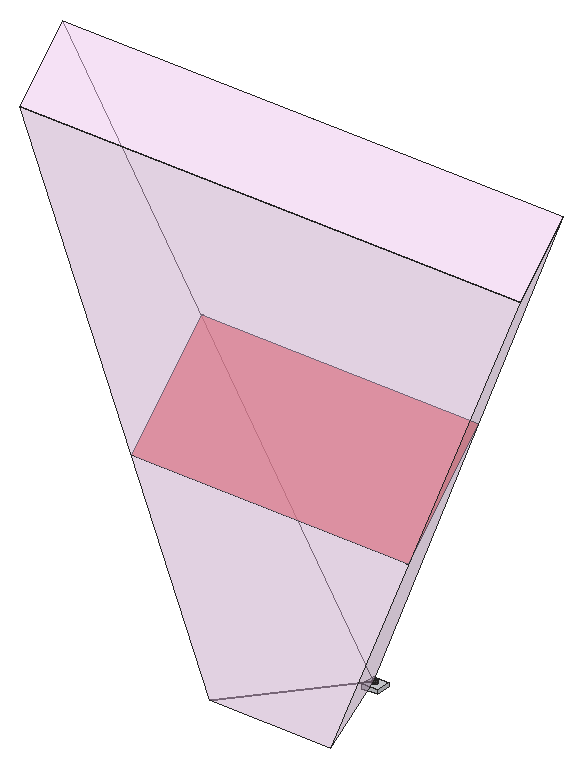
Revit family "i-PRO-2MP-Outdoor-Compact-Dome-Network-Camera-WV-S35302-F2L1", category Security Devices, host Face, Revit 2020
Family settings
  Host = Face
  Maintain Annotation Orientation = No
  Round Connector Dimension = Use Diameter
  Part Type = Normal
  OmniClass Number = 23.85.10.14.11
  OmniClass Title = Cameras
  Cut with Voids When Loaded = No
  Shared = No
  Room Calculation Point = No
Parameters (values of type "WV-S35302-F2L1 (Wall)")
  z Yaw Actual [instance] = if(and(On Wall, not(On Ceiling)), Yaw Actual, Yaw Actual + 180.00°)  # 0.00°
  z VV Viewpoint Depth Min = 0.68898"  # constant formula
  z VV Viewpoint Depth Max = 0.68898"  # constant formula
  z VV Viewpoint Depth [instance] = (z VV Viewpoint Depth Max - z VV Viewpoint Depth Min) * z HFOV Ratio + z VV Viewpoint Depth Min  # 0.68898"
  z VV Origin Height [instance] = 1.02362"  # constant formula
  z Tilt Offset Length = 0.66929"  # constant formula
  z Tilt Actual Safe [instance] = if(Tilt Actual = -90.00°, -89.90°, Tilt Actual)  # 45.00°
  z Tilt Actual [instance] = Tilt Actual  # 45.00°
  z Pan Actual Safe [instance] = if(Pan Actual = -180.00°, 180.00°, Pan Actual)  # 0.00°
  z Pan Actual [instance] = Pan Actual  # 0.00°
  z HFOV Ratio [instance] = 1  # constant formula
  z Dome Material = Acrylic Resin - i-PRO - Clear
  z Const Yaw Handle Length = 9.25197"  # constant formula
  z Const Yaw Base2 Length = 17.32283"  # constant formula
  z Const Yaw Base Length = 10.23622"  # constant formula
  z Const Tilt Handle Length = 9.84252"  # constant formula
  z Const Tilt Base2 Length = 19.68504"  # constant formula
  z Const Tilt Base Length = 9.84252"  # constant formula
  z Const Pan Handle Length = 27.55906"  # constant formula
  z Camera Resolution Type = 2
  z Base Radius = Diameter / 2  # 2.14567"
  Yaw Min [instance] = -90.00°  # constant formula
  Yaw Max [instance] = 90.00°  # constant formula
  Yaw Desired [instance] = 0.00°
  Yaw Actual [instance] = if(Yaw Desired > Yaw Max, Yaw Max, if(Yaw Desired < Yaw Min, Yaw Min, Yaw Desired))  # 0.00°
  Wind Resistance = "Up to 40 m/s {approx. 89 mph}"  # constant formula
  Weight = 1.05 lbf  # constant formula
  Water and Dust Resistance = "IP66 (IEC 60529), Type 4X (UL50E), NEMA 4X compliant"  # constant formula
  Vertical FOV Min [instance] = if(and(Aspect Ratio 4_3, not(Aspect Ratio 16_9)), VFOV Min 43, VFOV Min 169)  # 0.00°
  Vertical FOV Max [instance] = if(and(Aspect Ratio 4_3, not(Aspect Ratio 16_9)), VFOV Max 43, VFOV Max 169)  # 74.00°
  Vertical FOV Actual [instance] = z HFOV Ratio * (Vertical FOV Max - Vertical FOV Min) + Vertical FOV Min  # 74.00°
  VFOV Min 43 = 0.00°  # constant formula
  VFOV Min 169 = 0.00°  # constant formula
  VFOV Max 43 = 74.00°  # constant formula
  VFOV Max 169 = 74.00°  # constant formula
  URL = "https://i-pro.com/products_and_solutions/en/surveillance"
  Tilt Min [instance] = 0.00°  # constant formula
  Tilt Max [instance] = 90.00°  # constant formula
  Tilt Desired [instance] = 45.00°
  Tilt Actual [instance] = if(Tilt Desired > Tilt Max, Tilt Max, if(Tilt Desired < Tilt Min, Tilt Min, Tilt Desired))  # 45.00°
  Storage Temperature = "-40 °C to +50 °C ( -22 °F to 122 °F)"  # constant formula
  Show View Volume [instance] = yes
  Shock Resistance = "IK10 (IEC 62262)"  # constant formula
  Satety = "\tUL (UL62368-1), c-UL (CSA C22.2 No.62368-1), CE, IEC62368-1"  # constant formula
  Provide Feedback = "https://i-pro.com/products_and_solutions/en/surveillance/contact-us"
  Product Page URL = "https://i-pro.com/products_and_solutions/en/surveillance/products/wv-s35302-f2l1"
  Product Material = Paint - I-PRO- Black
  Product Documentation Link = "https://i-pro.com/products_and_solutions/en/surveillance/products/wv-s35302-f2l1"
  Power Supply Type [instance] = "PoE"  # constant formula
  Power Active [instance] = 8.6 W  # constant formula
  Voltage [instance] = 48 V  # constant formula
  Part Number = Model  # "WV-S35302-F2L1"
  Part Description = Description  # "i-PRO, 2MP, Outdoor, Compact Dome, Network Camera, WV-S35302-F2L1"
  Pan Min [instance] = -180.00°  # constant formula
  Pan Max [instance] = 45.00°  # constant formula
  Pan Desired [instance] = 0.00°
  Pan Actual [instance] = if(Pan Desired > Pan Max, Pan Max, if(Pan Desired < Pan Min, Pan Min, Pan Desired))  # 0.00°
  PPM Desired [instance] = 300
  PPM Actual [instance] = if(PPM Desired > 1, PPM Desired, 1)  # 300
  Original Creation Date = "2023/02/01"  # constant formula
  Operational Temperature = "-20 °C to +50 °C ( -4 °F to 122 °F)"  # constant formula
  Operational Humidity = "10 to 100 % (no condensation)"  # constant formula
  On Wall [instance] = not(On Ceiling)  # yes
  On Ceiling [instance] = no
  Model Disclaimer = "Contact i-PRO for more information"  # constant formula
  Model = "WV-S35302-F2L1"  # constant formula
  Minimum Illumination = 0.02 lx  # constant formula
  Manufacturer = "i-PRO Co., Ltd."  # constant formula
  Indoor Or Outdoor = "Outdoor"  # constant formula
  IP Or Analog = "IP"  # constant formula
  Horizontal Resolution Actual [instance] = if(and(Aspect Ratio 4_3, not(Aspect Ratio 16_9)), Horizontal Resolution 43, Horizontal Resolution 169)  # 1920
  Horizontal Resolution 43 [instance] = if(and([4_3_2048x1536], not([4_3_1280x960])), 2048, if(and(not([4_3_2048x1536]), [4_3_1280x960]), 1280, 2048))  # 2048
  Horizontal Resolution 169 [instance] = if(and([16_9_FHD], not([16_9_HD])), 1920, if(and(not([16_9_FHD]), [16_9_HD]), 1280, 1920))  # 1920
  Horizontal FOV Min [instance] = if(and(Aspect Ratio 4_3, not(Aspect Ratio 16_9)), HFOV Min 43, HFOV Min 169)  # 0.00°
  Horizontal FOV Max [instance] = if(and(Aspect Ratio 4_3, not(Aspect Ratio 16_9)), HFOV Max 43, HFOV Max 169)  # 132.00°
  Horizontal FOV Desired [instance] = 60.00°
  Horizontal FOV Actual [instance] = if(Horizontal FOV Desired > Horizontal FOV Max, Horizontal FOV Max, if(Horizontal FOV Desired < Horizontal FOV Min, Horizontal FOV Min, Horizontal FOV Desired))  # 60.00°
  Height = 2.08661"  # constant formula
  HFOV Min 43 = 0.00°  # constant formula
  HFOV Min 169 = 0.00°  # constant formula
  HFOV Max 43 = 99.00°  # constant formula
  HFOV Max 169 = 132.00°  # constant formula
  Family Version = "1.0.0"  # constant formula
  Equipment Number [instance] = ""
  Equipment Abbreviation = "SC"
  EMC = "FCC (Part15 ClassA), ICES-003 ClassA, EN55032 ClassA, EN55035"  # constant formula
  Dome Part Number = "WV-CW6SA"  # constant formula
  Distance to Screen [instance] = 393.70079"
  Distance to PPM Target [instance] = if(PPM Actual = 0, 0.000", 39.37008" * Horizontal Resolution Actual / (PPM Actual * 2 * tan(Horizontal FOV Actual / 2)))  # 218.21113"
  Distance to Floor [instance] = 118.11024"
  Distance to Ceiling [instance] = 0.000"
  Diameter = 4.29134"  # constant formula
  Description = "i-PRO, 2MP, Outdoor, Compact Dome, Network Camera, WV-S35302-F2L1"  # constant formula
  Default Elevation = 0.000"
  Date Last Modified = "2024/03/011"  # constant formula
  Copyright = "Copyright © i-PRO Co., Ltd."  # constant formula
  Communication Ports = "10Base-T / 100Base-TX, RJ45 connector"  # constant formula
  Audio Out = "No"  # constant formula
  Audio In = "Yes"  # constant formula
  Aspect Ratio 4_3 [instance] = not(Aspect Ratio 16_9)  # no
  Aspect Ratio 16_9 [instance] = yes
  Angle Of View = "132"  # constant formula
  4_3_2048x1536 [instance] = yes
  4_3_1280x960 [instance] = no
  16_9_HD [instance] = no
  16_9_FHD [instance] = yes
Types (2): name | z Yaw Actual | z Pan Actual Safe | z Pan Actual | Pan Desired | Pan Actual | On Wall | On Ceiling
  WV-S35302-F2L1 (Wall) | 0.00° | 0.00° | 0.00° | 0.00° | 0.00° | yes | no
  WV-S35302-F2L1 (Ceiling) | 180.00° | 180.00° | -180.00° | -180.00° | -180.00° | no | yes
Reference planes (in)
  plane 1 "Center (Front/Back)": y = 0
  plane 2: z = 0
  plane 3 "Center (Left/Right)": x = 0
  plane 4: x = 2.14567
  plane 5: x = -2.14567
  plane 6: z = 1.758
  plane 7: x = -0.75
  plane 8: x = 0.75
  plane 9: y = -1
  plane 10: y = -1.75
  plane 11: y = -0.25
  plane 12: y = 0.531
  plane 13: x = -1.9405
  plane 14: x = 1.9405
  plane 15: z = 0.558
  plane 16: z = 1.258
  plane 17: z = 0.758
  plane 18: y = -0.66929
  plane 19: z = 0
  plane 20: z = 2.08661
  plane 21 "BP": z = 1.02362
Forms (in)
  Extrusion 1, solid
    sketch origin (0, 0, 0) x (1, 0, 0) y (0, 1, 0)
      loop
        line (-5.98395, 6.49686) -> (-5.98395, -6.8388) -> (7.86462, -6.8388) -> (7.86462, 6.49686) -> (-5.98395, 6.49686)
    from 0 to -3.65195
  Extrusion 2, solid, material "Paint - I-PRO- Black" <- "Product Material"
    sketch origin (0, 0, 0) x (1, 0, 0) y (0, 1, 0)
      loop
        circle (0, 0) r 2.14567
    from 0 to 1.758
  Sweep 3, void
    path in 3D
      loop
        spline (-2.08128, 1.031, 1.5) -> (-2.01037, 0.90159, 1.5) -> (-1.80244, 0.781, 1.5) -> (-1.47169, 0.67745, 1.5) -> (-1.04064, 0.59799, 1.5) -> (-0.53868, 0.54804, 1.5) -> (0, 0.531, 1.5) -> (0.53868, 0.54804, 1.5) -> (1.04064, 0.59799, 1.5) -> (1.47169, 0.67745, 1.5) -> (1.80244, 0.781, 1.5) -> (2.01037, 0.90159, 1.5) -> (2.08128, 1.031, 1.5)
    profile origin (0, 0.531, 1.5) x (0, 1, 0) y (0, 0, 1)
      loop
        line (0, 0.258) -> (-2.69735, 0.258) -> (-2.69735, -0.942) -> (-0.78008, -0.742)
        arc (-0.78008, -0.742) -> (-0.21809, -0.37614) -> (0, 0.258) r 1.031
  Revolve 4, solid, material "Acrylic Resin - i-PRO - Clear" <- "z Dome Material"
    sketch origin (-60, -0.66929, 48) x (-1, 0, 0) y (0, 0, 1)
      loop
        arc (-59.11985, -47.442) -> (-59.1404, -46.43614) -> (-60, -45.91339) r 1.04544
        line (-60, -45.91339) -> (-60, -47.442) -> (-59.11985, -47.442)
      axis (-60, -45.91339) -> (-60, -47.442)
    angle from 0 to 360
  Sweep 5, void
    path in 3D
      loop
        spline (1.9635, 0.86519, 1.758) -> (1.68006, 0.73587, 1.758) -> (1.33304, 0.64702, 1.758) -> (1.00327, 0.59293, 1.758) -> (0.66949, 0.55757, 1.758) -> (0.34021, 0.53773, 1.758) -> (0.00097, 0.531, 1.758) -> (-0.33962, 0.5377, 1.758) -> (-0.67277, 0.55784, 1.758) -> (-1.01285, 0.5942, 1.758) -> (-1.34931, 0.65031, 1.758) -> (-1.69012, 0.73921, 1.758) -> (-1.9635, 0.86519, 1.758)
    profile origin (0.00097, 0.531, 1.758) x (0.000112, -1, 0) y (0, 0, 1)
      loop
        line (0, 0) -> (-0.31705, 0) -> (-0.31705, -1.758) -> (2.281, -1.758) -> (2.281, -1.15775) -> (0.78008, -1.358)
        arc (0.78008, -1.358) -> (0.2089, -0.78305) -> (0, 0) r 1.57208
Cuts and joins
  Sweep 3 cuts Extrusion 2
  Sweep 5 cuts Revolve 4
Lines and regions (in)
  Masking region 1
    outline origin (0, 0, 0) x (1, 0, 0) y (0, 1, 0)
      loop
        circle (0, 0) r 2.14567
  Masking region 2
    outline origin (0, 0, 0) x (1, 0, 0) y (0, 0, 1)
      loop
        line (-2.14567, 0) -> (2.14567, 0) -> (2.14567, 0.75) -> (1.83288, 1.258) -> (1.80671, 1.758) -> (-1.80671, 1.758) -> (-1.83288, 1.258) -> (-2.14567, 0.75) -> (-2.14567, 0)
  sketch lines
    curve 1: spline (-2.08128, 1.031, 1.5) -> (-2.01037, 0.90159, 1.5) -> (-1.80244, 0.781, 1.5) -> (-1.47169, 0.67745, 1.5) -> (-1.04064, 0.59799, 1.5) -> (-0.53868, 0.54804, 1.5) -> (0, 0.531, 1.5) -> (0.53868, 0.54804, 1.5) -> (1.04064, 0.59799, 1.5) -> (1.47169, 0.67745, 1.5) -> (1.80244, 0.781, 1.5) -> (2.01037, 0.90159, 1.5) -> (2.08128, 1.031, 1.5)
    curve 2: spline (1.9635, 0.86519, 1.758) -> (1.68006, 0.73587, 1.758) -> (1.33304, 0.64702, 1.758) -> (1.00327, 0.59293, 1.758) -> (0.66949, 0.55757, 1.758) -> (0.34021, 0.53773, 1.758) -> (0.00097, 0.531, 1.758) -> (-0.33962, 0.5377, 1.758) -> (-0.67277, 0.55784, 1.758) -> (-1.01285, 0.5942, 1.758) -> (-1.34931, 0.65031, 1.758) -> (-1.69012, 0.73921, 1.758) -> (-1.9635, 0.86519, 1.758)
  symbolic lines, style "SecurityDevices", detail levels fine
    curve 3: circle (0, -0.66929, 0) r 1.15794 normal (0, 0, 1)
Dimensions and locks (in)
  equal spacing: plane 5, plane 3 "Center (Left/Right)", plane 4
  "Diameter": plane 5 to plane 4
  plane 6 to plane 2 = 1.758"
  plane 11 to plane 9 to plane 10 = 0.750", 0.750" locked
  plane 1 "Center (Front/Back)" to plane 12 = 0.531"
  "Height": plane 20 to plane 19
  plane 6 to plane 16 to plane 17 to plane 15 to plane 19 = 0.500" locked, 0.500" locked, 0.200" locked, 0.558" locked
  "z VV Origin Height": plane 21 "BP" to level
  "z Tilt Offset Length": plane 18 to plane 1 "Center (Front/Back)"
  "z Tilt Offset Length": nested 1 to plane 1 "Center (Front/Back)"
  "z Base Radius": radius of Extrusion 2 sketch curve
  "z Base Radius": radius of Masking region 1 sketch curve
  aligned and locked: plane 2 to Extrusion 1
  aligned and locked: level to Extrusion 1
  aligned and locked: plane 1 "Center (Front/Back)" to Extrusion 2 sketch curve
  aligned and locked: plane 3 "Center (Left/Right)" to Extrusion 2 sketch curve
  aligned and locked: plane 6 to Extrusion 2
  aligned and locked: cut or joined group of Extrusion 2, Sweep 3 to plane 19
  aligned and locked: plane 3 "Center (Left/Right)" to Revolve 4 sketch curve
  aligned and locked: plane 6 to Sweep 3 sketch curve
  aligned and locked: plane 15 to Sweep 3 sketch curve
  aligned and locked: plane 17 to Sweep 3 sketch curve
  aligned and locked: Sweep 5 sketch curve to plane 19
  aligned and locked: plane 6 to Sweep 5 sketch curve
  aligned and locked: nested 1 to plane 3 "Center (Left/Right)"
Automatic sketch dimensions
  Extrusion 1 sketch curve to Extrusion 1 sketch curve = 13.84857"
  Extrusion 1 sketch curve to Extrusion 1 sketch curve = 13.33566"
  Sweep 3 sketch curve to profile plane = 0.000"
  profile plane to Sweep 3 sketch curve = 0.78008"
  Sweep 3 sketch curve to Sweep 3 sketch curve = 1.91727"
  Sweep 5 sketch curve to profile plane = 0.000"
  profile plane to Sweep 5 sketch curve = 0.31705"
  Sweep 5 sketch curve to profile plane = 0.78008"
  Sweep 5 sketch curve to Sweep 5 sketch curve = 1.50092"
  Sweep 5 sketch curve to profile plane = 1.15775"
  Sweep 5 sketch curve to Sweep 5 sketch curve = 0.400"
  plane 5 to Masking region 2 sketch curve = 0.000"
  Masking region 2 sketch curve to plane 16 = 0.000"  (x2)
  Masking region 2 sketch curve to plane 6 = 0.000"
  plane 4 to Masking region 2 sketch curve = 0.000"
  Masking region 2 sketch curve to level = 0.000"
  Masking region 2 sketch curve to plane 13 = 0.10762"
  Masking region 2 sketch curve to plane 13 = 0.13379"
  Masking region 2 sketch curve to plane 14 = 0.13379"
  Masking region 2 sketch curve to plane 14 = 0.10762"
  plane 17 to Masking region 2 sketch curve = 0.008"  (x2)
  curve 3 to plane 3 "Center (Left/Right)" = 0.000"
  plane 18 to curve 3 = 0.000"
  Revolve 4 sketch curve to plane 3 "Center (Left/Right)" = 0.000"
  Revolve 4 sketch curve to plane 15 = 0.000"
  Revolve 4 sketch curve to plane 20 = 0.000"
  Revolve 4 sketch curve to plane 3 "Center (Left/Right)" = 0.0464"
  Revolve 4 sketch curve to plane 21 "BP" = 0.01858"
  Revolve 4 sketch curve to plane 16 = 0.17748"
  plane 6 to Revolve 4 sketch curve = 0.12412"
  plane 1 "Center (Front/Back)" to Masking region 1 sketch curve = 0.000"
  Masking region 1 sketch curve to plane 3 "Center (Left/Right)" = 0.000"
  radius of curve 3 = 1.15794"
Nested families (in)
  nested 1: "Camera-Security-Panasonic-ViewVolumePTYZ" at (0, -0.66929, 1.02362), Viewpoint Depth <- "z VV Viewpoint Depth", Base Height Offset <- "z VV Origin Height", Pan <- "z Pan Actual Safe", Tilt <- "z Tilt Actual Safe", HFOV <- "Horizontal FOV Actual", VFOV <- "Vertical FOV Actual", Target Depth <- "Distance to PPM Target", Yaw <- "z Yaw Actual", Screen Depth <- "Distance to Screen", On Wall <- "On Wall", On Ceiling <- "On Ceiling", Floor Distance <- "Distance to Floor", Ceiling Distance <- "Distance to Ceiling", visible <- "Show View Volume", type "Camera-Security-Panasonic-ViewVolumePTYZ"
    with z Yaw Actual 0.00°, z Void Width 1384.17642", z Void Thickness 395.41339", z Void Height Start -692.08821", z Void Height End 692.08821", z Void Direction 1, z Void Angle 90.00°, z Viewpoint Depth 0.68898", z Tilt Actual 45.00°, z Target Width 251.9685", z Target Visible yes, z Target Height 328.86775", z Target Depth 218.9001", z Screen Width 454.60651", z Screen Height 593.34965", z Screen Depth 394.38976", z Pan Actual 0.00°, z Floor Distance 118.11024", z Ceiling Distance 0.000", Yaw 0.00°, Viewpoint Origin Horizontal Offset 0.000", Viewpoint Depth 0.68898", VFOV 74.00°, Tilt 45.00°, Target Depth 218.21113", Screen Depth 393.70079", Pan 0.00°, On Wall yes, On Floor no, On Default Mount Type 0, On Ceiling no, HFOV 60.00°, Floor Distance 118.11024", Ceiling Distance 0.000", Base Height Offset 1.02362", Base Angle Offset 0.00°
Connectors (in)
  electrical at (0, 0, 0), driven by "Voltage", driven by "Power Active"
    settings: on cut or joined group of Extrusion 2, Sweep 3, index 1, voltage 48 V, apparent load 8.6 W, apparent load phase1 0.0 W, apparent load phase2 0.0 W, apparent load phase3 0.0 W, power factor 1, load classification "Other", number of poles 1, system type 30, power factor state 1, is connector primary yes, connector utility no, sub classification motor no, connector description "Electrical Connection"
  electrical at (0, 0, 0)
    settings: index 2, voltage 0 V, apparent load 0.0 W, apparent load phase1 0.0 W, apparent load phase2 0.0 W, apparent load phase3 0.0 W, power factor 1, load classification "Other", number of poles 1, system type 5, power factor state 1, is connector primary no, connector utility no, sub classification motor no, connector description "Data Connection"
Definition of nested family "Camera-Security-Panasonic-ViewVolumePTYZ"
  Parameters
    z Yaw Actual [instance] = if(Yaw < 0.00°, 360.00° - (abs(Yaw) - rounddown(abs(Yaw) / 360.00°) * 360.00°), Yaw - rounddown(Yaw / 360.00°) * 360.00°)  # 0.00°
    z Void Width [instance] = if(z Screen Width > z Screen Height, z Screen Width, z Screen Height) + abs(Viewpoint Origin Horizontal Offset) + z Void Thickness * 2  # 1265.63013"
    z Void Thickness [instance] = z Screen Depth + abs(Base Height Offset)  # 405.51181"
    z Void Height Start [instance] = -z Void Width / 2  # -632.81507"
    z Void Height End [instance] = z Void Width / 2  # 632.81507"
    z Void Direction [instance] = if((if(On Wall, 1, 0) + if(On Floor, 1, 0) + if(On Ceiling, 1, 0)) = 1, if(On Ceiling, 0, if(On Wall, 1, 2)), On Default Mount Type)  # 0
    z Viewpoint Depth [instance] = if(Viewpoint Depth < 0.03937", 0.03937", Viewpoint Depth)  # 5.90551"
    z Tilt Actual [instance] = if(Tilt < 0.00°, 360.00° - (abs(Tilt) - rounddown(abs(Tilt) / 360.00°) * 360.00°), Tilt - rounddown(Tilt / 360.00°) * 360.00°)  # 45.00°
    z Target Visible [instance] = not(Screen Depth < Target Depth)  # yes
    z Target Thickness Start = -z Target Thickness / 2  # -0.03937"
    z Target Thickness End = z Target Thickness / 2  # 0.03937"
    z Target Depth [instance] = Target Depth + Viewpoint Depth  # 84.64567"
    z Pan Actual [instance] = if(Pan < 0.00°, 360.00° - (abs(Pan) - rounddown(abs(Pan) / 360.00°) * 360.00°), Pan - rounddown(Pan / 360.00°) * 360.00°)  # 0.00°
    z Floor Distance [instance] = if(z Void Direction = 2, if(Floor Distance < 0.000", 0.000", Floor Distance), if(Floor Distance < 0.3937", 0.3937", Floor Distance))  # 118.11024"
    z Const Yaw Base2 Length = 17.32283"  # constant formula
    z Const Tilt Base2 Length = 19.68504"  # constant formula
    z Ceiling Distance [instance] = if(z Void Direction = 2, if(Ceiling Distance < 0.3937", 0.3937", Ceiling Distance), if(Ceiling Distance < 0.000", 0.000", Ceiling Distance))  # 0.000"
    z Const Void Handle Length = 23.62205"  # constant formula
    z Void Angle [instance] = if(z Void Direction = 0, 0.00° + Base Angle Offset, if(z Void Direction = 1, 90.00° + Base Angle Offset, 180.00° + Base Angle Offset))  # 0.00°
    z Screen Depth [instance] = if(Screen Depth < 3.93701", 3.93701" + Viewpoint Depth, Screen Depth + Viewpoint Depth)  # 399.6063"
    Original Creation Date = "September, 15, 2016"  # constant formula
    On Default Mount Type [instance] = 0
    Manufacturer = "Panasonic"  # constant formula
    Family Version = "1.0.0"  # constant formula
    Default Elevation = 48.000"
    Date Last Modified = "September, 15, 2016"  # constant formula
    Copyright = "Copyright © Panasonic"  # constant formula
    Base Height Offset [instance] = 5.90551"
    Base Angle Offset [instance] = 0.00°
    z Viewpoint Width = 0.03937"  # constant formula
    z Viewpoint Height = 0.03937"  # constant formula
    VFOV [instance] = 33.75°
    z Target Width [instance] = Target Depth * tan(HFOV / 2) * 2  # 90.9213"
    z Target Thickness = 0.07874"  # constant formula
    z Target Height [instance] = Target Depth * tan(VFOV / 2) * 2  # 47.77113"
    Target Depth [instance] = 78.74016"
    z Screen Width [instance] = (z Screen Depth - Viewpoint Depth) * tan(HFOV / 2) * 2  # 454.60651"
    z Screen Height [instance] = (z Screen Depth - Viewpoint Depth) * tan(VFOV / 2) * 2  # 238.85566"
    Screen Depth [instance] = 393.70079"
    z Const Yaw Handle Length = 9.25197"  # constant formula
    z Const Yaw Base Length = 10.23622"  # constant formula
    Viewpoint Depth [instance] = 5.90551"
    Viewpoint Origin Horizontal Offset [instance] = 0.000"
    z Const Tilt Handle Length = 14.17323"  # constant formula
    z Const Tilt Base Length = 9.84252"  # constant formula
    z Const Pan Handle Length = 19.68504"  # constant formula
    z Const Pan Axis Length = 15.74803"  # constant formula
    On Wall [instance] = no
    On Floor [instance] = no
    On Ceiling [instance] = yes
    HFOV [instance] = 60.00°
    Yaw [instance] = 0.00°
    Tilt [instance] = 45.00°
    Pan [instance] = 0.00°
    Floor Distance [instance] = 118.11024"
    Ceiling Distance [instance] = 0.000"
  Reference planes (in)
    plane 1 "Center (Front/Back)": y = 0
    plane 2: z = 0
    plane 3 "Center (Left/Right)": x = 0
    plane 4 "VoidOffsetBase": z = -5.90551
  Forms (in)
    Extrusion 1, void
      sketch origin (0, 0, -5.90551) x (0, 0, 1) y (0, -1, 0)
        loop
          line (523.62205, 632.81507) -> (118.11024, 632.81507) -> (118.11024, -632.81507) -> (523.62205, -632.81507) -> (523.62205, 632.81507)
        loop
          line (0, 632.81507) -> (-405.51181, 632.81507) -> (-405.51181, -632.81507) -> (0, -632.81507) -> (0, 632.81507)
      from -632.81507 <- "z Void Height Start" to 632.81507 <- "z Void Height End"
    Blend 2, solid
      base sketch origin (0, -4.17583, 4.17583) x (0, 0.707107, 0.707107) y (-1, 0, 0)
        loop
          line (-0.01969, -0.01969) -> (0.01969, -0.01969) -> (0.01969, 0.01969) -> (-0.01969, 0.01969) -> (-0.01969, -0.01969)
      top sketch origin (0, -282.56432, 282.56432) x (0, 0.707107, 0.707107) y (-1, 0, 0)
        loop
          line (-119.42783, -227.30326) -> (119.42783, -227.30326) -> (119.42783, 227.30326) -> (-119.42783, 227.30326) -> (-119.42783, -227.30326)
      from 0 to 0
    Extrusion 3, solid, visible <- "z Target Visible"
      sketch origin (0, -59.85353, 59.85353) x (0, 0.707107, 0.707107) y (-1, 0, 0)
        loop
          line (-23.88557, -45.46065) -> (23.88557, -45.46065) -> (23.88557, 45.46065) -> (-23.88557, 45.46065) -> (-23.88557, -45.46065)
      from -0.03937 <- "z Target Thickness Start" to 0.03937 <- "z Target Thickness End"
  Cuts and joins
    Extrusion 1 cuts Blend 2
    Extrusion 1 cuts Extrusion 3
  Lines and regions (in)
    reference lines
      curve 1: line (0, 0, 0) -> (19.68504, 0, 0)
      curve 2: line (0, 0, -15.74803) -> (0, 0, 0)
      curve 3: line (0, 0, 0) -> (0, -9.84252, 0)
      curve 4: line (0, 0, 0) -> (0, 0, 19.68504)
      curve 5: line (0, -10.02199, 10.02199) -> (0, 0, 0)
      curve 6: line (0, 0, 0) -> (0, 7.2381, 7.2381)
      curve 7: line (0, 0, 0) -> (-17.32283, 0, 0)
      curve 8: line (0, 0, 0) -> (-9.25197, 0, 0)
      curve 9: line (0, -4.17583, 4.17583) -> (0, 0, 0)
      curve 10: line (0, 0, 0) -> (0, -59.85353, 59.85353)
      curve 11: line (0, 0, 0) -> (0, -282.56432, 282.56432)
      curve 12: line (-0.01969, -4.16191, 4.18975) -> (0.01969, -4.16191, 4.18975)
      curve 13: line (-0.01969, -4.18975, 4.16191) -> (0.01969, -4.18975, 4.16191)
      curve 14: line (-0.01969, -4.16191, 4.18975) -> (-0.01969, -4.18975, 4.16191)
      curve 15: line (0.01969, -4.16191, 4.18975) -> (0.01969, -4.18975, 4.16191)
      curve 16: line (-45.46065, -42.96388, 76.74317) -> (45.46065, -42.96388, 76.74317)
      curve 17: line (-45.46065, -76.74317, 42.96388) -> (45.46065, -76.74317, 42.96388)
      curve 18: line (-45.46065, -42.96388, 76.74317) -> (-45.46065, -76.74317, 42.96388)
      curve 19: line (45.46065, -42.96388, 76.74317) -> (45.46065, -76.74317, 42.96388)
      curve 20: line (-227.30326, -198.1161, 367.01255) -> (-227.30326, -367.01255, 198.1161)
      curve 21: line (227.30326, -198.1161, 367.01255) -> (227.30326, -367.01255, 198.1161)
      curve 22: line (-227.30326, -198.1161, 367.01255) -> (227.30326, -198.1161, 367.01255)
      curve 23: line (-227.30326, -367.01255, 198.1161) -> (227.30326, -367.01255, 198.1161)
      curve 24: line (0, 0, -5.90551) -> (0, 0, 17.71654)
      curve 25: line (0, -632.81507, 517.71654) -> (0, 632.81507, 517.71654)
      curve 26: line (0, -632.81507, 112.20472) -> (0, -632.81507, 517.71654)
      curve 27: line (0, 632.81507, 112.20472) -> (0, -632.81507, 112.20472)
      curve 28: line (0, 632.81507, 517.71654) -> (0, 632.81507, 112.20472)
      curve 29: line (0, -632.81507, -5.90551) -> (0, 632.81507, -5.90551)
      curve 30: line (0, -632.81507, -411.41732) -> (0, -632.81507, -5.90551)
      curve 31: line (0, 632.81507, -411.41732) -> (0, -632.81507, -411.41732)
      curve 32: line (0, 632.81507, -5.90551) -> (0, 632.81507, -411.41732)
  Dimensions and locks (in)
    "z Const Pan Handle Length": curve 1 to curve 1
    "z Const Pan Axis Length": curve 2 to curve 2
    "z Const Tilt Base Length": curve 3 to curve 3
    "z Const Pan Axis Length": curve 1 to curve 2
    "Viewpoint Origin Horizontal Offset": curve 4 to curve 2
    "z Const Tilt Base2 Length": curve 4 to curve 4
    "z Const Tilt Handle Length": curve 5 to curve 5
    "z Const Yaw Base Length": curve 6 to curve 6
    "z Const Yaw Base2 Length": curve 7 to curve 7
    "z Const Yaw Handle Length": curve 8 to curve 8
    "z Viewpoint Depth": curve 9 to curve 9
    "z Target Depth": curve 10 to curve 10
    "z Screen Depth": curve 11 to curve 11
    equal spacing: curve 13, curve 9, curve 12
    "z Viewpoint Height": curve 13 to curve 12
    equal spacing: curve 14, curve 9, curve 15
    "z Viewpoint Width": curve 14 to curve 15
    equal spacing: curve 17, curve 10, curve 16
    "z Target Height": curve 17 to curve 16
    equal spacing: curve 18, curve 10, curve 19
    "z Target Width": curve 18 to curve 19
    equal spacing: curve 20, curve 11, curve 21
    "z Screen Width": curve 20 to curve 21
    equal spacing: curve 23, curve 11, curve 22
    "z Screen Height": curve 23 to curve 22
    "z Const Void Handle Length": curve 24 to curve 24
    equal spacing: curve 26, curve 24, curve 28
    "z Void Width": curve 26 to curve 28
    "z Floor Distance": curve 27 to curve 24
    "z Ceiling Distance": curve 29 to curve 24
    "z Void Thickness": curve 31 to curve 29
    "z Void Thickness": curve 25 to curve 27
    "Base Height Offset": level to plane 4 "VoidOffsetBase"
    locked: curve 3 to curve 2 (angle 90.00°)
    locked: curve 3 to curve 4 (angle 90.00°)
    "z Tilt Actual": angle curve 4 to curve 5
    locked: curve 6 to curve 7 (angle 90.00°)
    locked: curve 6 to curve 5 (angle 90.00°)
    locked: curve 9 to curve 5 (angle 0.00°)
    locked: curve 10 to curve 5 (angle 0.00°)
    locked: curve 11 to curve 5 (angle 0.00°)
    "z Void Angle": angle plane 1 "Center (Front/Back)" to curve 24
    "z Yaw Actual": angle curve 7 to curve 8
    "z Pan Actual": angle plane 1 "Center (Front/Back)" to curve 1
    aligned and locked: level to plane 2
    aligned and locked: curve 2 to curve 1
    aligned and locked: curve 2 to curve 3
    aligned and locked: curve 3 to curve 2
    aligned and locked: curve 3 to curve 5
    aligned and locked: curve 6 to curve 7
    aligned and locked: curve 6 to curve 8
    aligned and locked: curve 8 to curve 7
    aligned and locked: curve 7 to curve 6
    aligned and locked: curve 5 to curve 11
    aligned and locked: curve 11 to curve 8
    aligned and locked: curve 12 to curve 15
    aligned and locked: curve 15 to curve 15
    aligned and locked: curve 14 to curve 14
    aligned and locked: curve 13 to curve 15
    aligned and locked: curve 16 to curve 19
    aligned and locked: curve 18 to curve 18
    aligned and locked: curve 17 to curve 19
    aligned and locked: curve 22 to curve 22
    aligned and locked: curve 21 to curve 23
    aligned and locked: curve 20 to curve 23
    aligned and locked: curve 23 to curve 23
    aligned and locked: plane 1 "Center (Front/Back)" to curve 24
    aligned and locked: curve 30 to curve 26
    aligned and locked: curve 28 to curve 32
    aligned and locked: Extrusion 1 sketch curve to curve 25
    aligned and locked: Extrusion 1 sketch curve to curve 26
    aligned and locked: Extrusion 1 sketch curve to curve 27
    aligned and locked: Extrusion 1 sketch curve to curve 28
    aligned and locked: Extrusion 1 sketch curve to curve 29
    aligned and locked: Extrusion 1 sketch curve to curve 30
    aligned and locked: Extrusion 1 sketch curve to curve 31
    aligned and locked: Extrusion 1 sketch curve to curve 32
    aligned and locked: Extrusion 1 sketch curve to Extrusion 1 sketch curve  (x8)
    aligned and locked: Blend 2 sketch curve to curve 15
    aligned and locked: Blend 2 sketch curve to curve 13
    aligned and locked: Blend 2 sketch curve to curve 14
    aligned and locked: Blend 2 sketch curve to curve 12
    aligned and locked: Blend 2 sketch curve to Blend 2 sketch curve  (x8)
    aligned and locked: Blend 2 sketch curve to curve 21
    aligned and locked: Blend 2 sketch curve to curve 23
    aligned and locked: Blend 2 sketch curve to curve 20
    aligned and locked: Blend 2 sketch curve to curve 22
    aligned and locked: Extrusion 3 sketch curve to curve 19
    aligned and locked: Extrusion 3 sketch curve to curve 17
    aligned and locked: Extrusion 3 sketch curve to curve 18
    aligned and locked: Extrusion 3 sketch curve to curve 16
    aligned and locked: Extrusion 3 sketch curve to Extrusion 3 sketch curve  (x4)
    aligned and locked: plane 3 "Center (Left/Right)" to curve 1
    aligned and locked: plane 1 "Center (Front/Back)" to curve 1
    aligned and locked: level to curve 2
    aligned and locked: plane 4 "VoidOffsetBase" to curve 24
  Automatic sketch dimensions
    curve 6 to curve 5 = 0.000"
    curve 6 to curve 5 = 10.23622"
